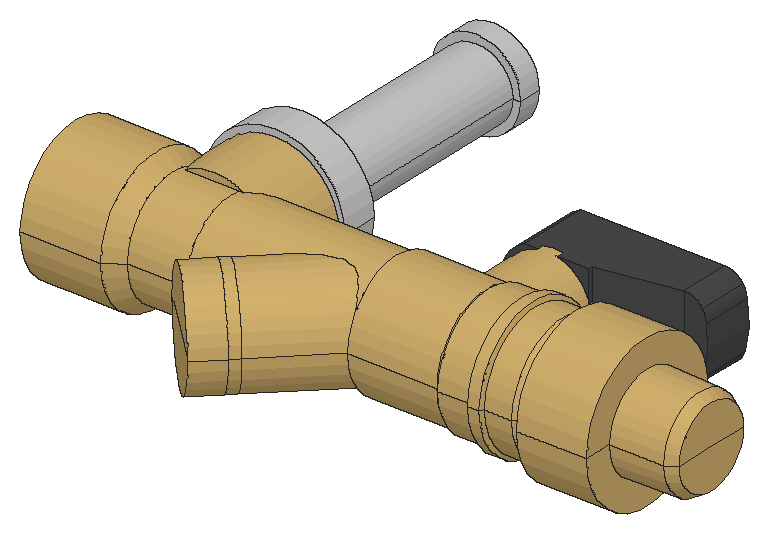
Revit family "Plumbing_Joints_Aignep_Condensed-Drain-Valve-90975", category Pipe Accessories, Revit 2018
Family settings
  Round Connector Dimension = Use Diameter
  Part Type = Valve - Breaks Into
  OmniClass Number = 23.27.43.00
  OmniClass Title = Pipe Fittings
  Work Plane-Based = No
  Always vertical = Yes
  Cut with Voids When Loaded = No
  Shared = No
Parameters (values of type "D 3/8"")
  Tick Size 02 = Nominal Diameter 02 * 0.8  # 10.160 mm
  QR code = "https://www.bimobject.com/aignep/product/condensed-drain-valve-90975"
  Product url = "https://www.aignep.com/eng/Pipe-fittings-INFINITY/Air-Pipeline-INFINITY-Series/CONDENSED-DRAIN-VALVE"
  Product name = "Condensed Drain Valve - 90975"
  Product group = "Valves"
  Product family = "INFINITY"
  Product certification = "https://www.aignep.com/eng/Certificazioni/FREE-OF-SILICON"
  Product SKU = "Condensed-Drain-Valve-90975"
  Product Material = AIGNEP - Brass - Yellow
  Product Guid = "824d2528-7a19-4f2a-95e2-81cd027d18bb"
  OmniClass Description = "Pipe Fittings"
  OmniClass Code = "23-27 43 00"
  OD = 17.000 mm
  Nominal Diameter 02 = 12.700 mm  # constant formula
  Nominal Diameter 01 = 9.525 mm
  Material main = "Brass"
  Manufacturer name = "Aignep Spa"
  Manufacturer country = "Italy"
  L = 113.500 mm
  IFC Classification = "Pipe Fitting"
  G = 26.500 mm
  ES2 = 23.000 mm
  ES1 = 22.000 mm
  E = 65.500 mm
  Design country = "Italy"
  Description = "Condensed drain valve\r\n"  # constant formula
  URL = "https://www.aignep.com/"
  Tick Size 01 = Nominal Diameter 01 * 0.8  # 7.620 mm
  Product data url = "https://www.bimobject.com/aignep/product/condensed-drain-valve-90975"
  Model = "90975"  # constant formula
  Manufacturer = "Aignep Spa"  # constant formula
  Keynote = "15410"
  Edition number = 1
  D = 13.000 mm
  CH3 = 16.000 mm
  CH2 = 25.000 mm
  CH1 = 27.000 mm
  C = 12.000 mm
  BIMobject category = "Valves"
  B = 11.500 mm
  Assembly Code = "D2040100"
  Article Code [instance] = "90975 00 004"
  A2 = 12.700 mm
  A1 = 9.525 mm
Types (2, lengths in mm): name | OD | Nominal Diameter 01 | L | Tick Size 01 | B | Article Code | A1
  D 3/8" | 17.000 | 9.525 | 113.500 | 7.620 | 11.500 | "90975 00 004" | 9.525
  D 1/2" | 21.500 | 12.700 | 117.500 | 10.160 | 16.000 | "90975 00 005" | 12.700
Reference planes
  plane 1 "Center (Front/Back)": y = 0
  plane 2: z = 0
  plane 3: x = 0
  plane 4: x = -17.65
  plane 5: x = 44.175
  plane 6: x = -69.325
  plane 7: y = 4.762
  plane 8: y = -4.763
  plane 9: y = 6.35
  plane 10: y = -6.35
  plane 11: x = -57.325
  plane 12: x = 32.675
  plane 13: y = 12.5
  plane 14: y = -12.5
  plane 15: y = 13.5
  plane 16: y = -13.5
  plane 17: y = 11.5
  plane 18: y = -11.5
  plane 19: y = -26.5
  plane 20: y = 65.5
  plane 21: x = -54
  plane 22: x = -38
  plane 23 "Center (Left/Right)": x = -46
  plane 24: x = -52.5
  plane 25: x = -39.5
  plane 26: y = 11
  plane 27: y = -11
  plane 28: y = 8.5
  plane 29: y = -8.5
  plane 30: through (-30.289, -15.297, 1200) normal (0.7071, -0.7071, 0)
Forms (mm)
  Revolve 1, solid, material "AIGNEP - Brass - Yellow" <- "Product Material", detail levels fine
    sketch origin (0, 0, 0) x (1, 0, 0) y (0, 1, 0)
      loop
        line (44.175, 0) -> (-69.325, 0) -> (-69.325, -12.5) -> (-54.989, -12.5) -> (-52.039, -10.32) -> (-41.545, -10.32) -> (-12.448, -10.32) -> (-11.972, -11) -> (3.827, -11) -> (4.541, -11.5) -> (10.205, -11.5) -> (10.481, -12.258) -> (12.496, -12.258) -> (12.772, -11.5) -> (17.772, -11.5) -> (18.499, -10.991) -> (19.717, -10.991) -> (20.175, -11.754) -> (20.175, -13.5) -> (32.675, -13.5) -> (32.675, -8.484) -> (42.269, -8.217) -> (44.175, -7.117) -> (44.175, 0)
      axis (44.175, 0) -> (-69.325, 0)
    angle from 0 to 360
  Revolve 2, solid, material "AIGNEP - Inox - Grey", detail levels fine
    sketch origin (0, 0, 0) x (1, 0, 0) y (0, 1, 0)
      loop
        line (-46, 15.146) -> (-46, 65.5) -> (-49.974, 65.5) -> (-49.974, 64.2) -> (-54, 64.2) -> (-54, 60.2) -> (-52.5, 60.2) -> (-52.5, 21.5) -> (-58.662, 21.5) -> (-58.662, 15.146) -> (-46, 15.146)
      axis (-46, 15.146) -> (-46, 65.5)
    angle from 0 to 360
  Revolve 3, solid, material "AIGNEP - Brass - Yellow" <- "Product Material", detail levels fine
    sketch origin (0, 0, 0) x (1, 0, 0) y (0, 1, 0)
      loop
        line (-34.885, -19.893) -> (-28.069, -26.71) -> (-24.003, -22.644) -> (-22.762, -21.403) -> (-8.623, -7.264) -> (-15.44, -0.447) -> (-34.885, -19.893)
      axis (-15.44, -0.447) -> (-34.885, -19.893)
    angle from 0 to 360
  Revolve 4, solid, material "AIGNEP - Brass - Yellow" <- "Product Material", detail levels fine
    sketch origin (0, 0, 0) x (1, 0, 0) y (0, 1, 0)
      loop
        line (0, 6.414) -> (0, 18.5) -> (0, 19.739) -> (-7.711, 19.739) -> (-7.711, 6.414) -> (0, 6.414)
      axis (0, 6.414) -> (0, 19.739)
    angle from 0 to 360
  Extrusion 5, solid, material "AIGNEP - Plastic - Black", detail levels fine
    sketch origin (0, 0, 0) x (1, 0, 0) y (0, 0, 1)
      loop
        line (21.72, 7.5) -> (-4, 7.5)
        arc (-4, 7.5) -> (-8.623, 0) -> (-4, -7.5) r 8.395
        line (-4, -7.5) -> (21.72, -7.5)
        arc (21.72, -7.5) -> (23.957, -6.812) -> (25.419, -4.985) r 3.978
        arc (25.419, -4.985) -> (25.992, -0.695) -> (25.697, 3.622) r 21.58
        arc (25.697, 3.622) -> (25.509, 4.733) -> (25.018, 5.746) r 3.978
        arc (25.018, 5.746) -> (23.587, 7.034) -> (21.72, 7.5) r 3.978
    from -31 to -18.5
  Extrusion 6, void
    sketch origin (0, 0, 0) x (1, 0, 0) y (0, 1, 0)
      loop
        line (7.518, 19.22) -> (7.518, 16.034) -> (30.521, 16.034) -> (30.521, 22) -> (21.604, 22) -> (7.518, 19.22)
    from -14.319 to 14.478
  Revolve 7, solid, material "AIGNEP - Brass - Yellow" <- "Product Material", detail levels fine
    sketch origin (0, 0, 0) x (1, 0, 0) y (0, 1, 0)
      loop
        line (-46, 1.73) -> (-46, 15.146) -> (-57.469, 15.146) -> (-57.469, 1.73) -> (-46, 1.73)
      axis (-46, 1.73) -> (-46, 15.146)
    angle from 0 to 360
  Sweep 8, solid, not visible, detail levels fine
    path origin (0, 0, 0) x (1, 0, 0) y (0, 1, 0)
      loop
        line (-57.325, 0) -> (-46, 0)
    profile origin (-51.663, 0, 0) x (0, 1, 0) y (0, 0, 1)
      loop
        circle (0, 0) r 4.007
  Sweep 9, solid, not visible, detail levels fine
    path origin (0, 0, 0) x (1, 0, 0) y (0, 1, 0)
      loop
        line (0, 0) -> (32.675, 0)
    profile origin (16.337, 0, 0) x (0, 1, 0) y (0, 0, 1)
      loop
        circle (0, 0) r 4.007
Cuts and joins
  Extrusion 6 cuts Revolve 4
  Extrusion 6 cuts Extrusion 5
Lines and regions (mm)
  model lines, detail levels coarse+medium
    curve 1: line (-57.325, 0, 0) -> (32.675, 0, 0)
    curve 2: line (-57.325, 5.08, 0) -> (-57.325, -5.08, 0)
    curve 3: line (32.675, 3.81, 0) -> (32.675, -3.81, 0)
    curve 4: line (0, 0, 0) -> (0, 21.738, 0)
    curve 5: line (0, 21.738, 0) -> (20.279, 21.738, 0)
    curve 6: line (-46, 0, 0) -> (-46, 65.5, 0)
Dimensions and locks
  plane 3 to plane 4 = 17.650 mm
  "L": plane 6 to plane 5
  equal spacing: plane 7, plane 1 "Center (Front/Back)", plane 8
  "A1": plane 7 to plane 8
  equal spacing: plane 10, plane 1 "Center (Front/Back)", plane 9
  "A2": plane 10 to plane 9
  "C": plane 6 to plane 11
  "B": plane 12 to plane 5
  equal spacing: plane 14, plane 1 "Center (Front/Back)", plane 13
  "CH2": plane 14 to plane 13
  equal spacing: plane 15, plane 1 "Center (Front/Back)", plane 16
  "CH1": plane 15 to plane 16
  equal spacing: plane 17, plane 1 "Center (Front/Back)", plane 18
  "ES2": plane 17 to plane 18
  "G": plane 19 to plane 1 "Center (Front/Back)"
  "E": plane 1 "Center (Front/Back)" to plane 20
  equal spacing: plane 21, plane 23 "Center (Left/Right)", plane 22
  "CH3": plane 21 to plane 22
  equal spacing: plane 24, plane 23 "Center (Left/Right)", plane 25
  "D": plane 24 to plane 25
  equal spacing: plane 27, plane 1 "Center (Front/Back)", plane 26
  "ES1": plane 27 to plane 26
  locked: Revolve 1 sketch curve to plane 5 at 1.906
  Revolve 1 sketch curve to Revolve 1 sketch curve to plane 23 "Center (Left/Right)" to Revolve 1 sketch curve to Revolve 1 sketch curve to Revolve 1 sketch curve to Revolve 1 sketch curve to Revolve 1 sketch curve to Revolve 1 sketch curve to Revolve 1 sketch curve to Revolve 1 sketch curve to Revolve 1 sketch curve to Revolve 1 sketch curve to Revolve 1 sketch curve to Revolve 1 sketch curve to Revolve 1 sketch curve to Revolve 1 sketch curve to Revolve 1 sketch curve = 2.950 mm locked, 6.039 mm locked, 33.552 mm locked, 0.476 mm locked, 15.800 mm locked, 0.714 mm locked, 5.664 mm locked, 0.276 mm locked, 2.015 mm locked, 0.276 mm locked, 5.000 mm locked, 0.727 mm locked, 1.218 mm locked, 0.457 mm locked, 0.000 mm locked, 12.500 mm locked, 0.000 mm locked
  Revolve 1 sketch curve to Revolve 1 sketch curve to Revolve 1 sketch curve to Revolve 1 sketch curve to Revolve 1 sketch curve to Revolve 1 sketch curve to plane 16 = 0.671 mm locked, 0.000 mm locked, 0.764 mm locked, 0.503 mm locked, 0.000 mm locked, 1.242 mm locked
  locked: plane 6 to plane 23 "Center (Left/Right)" at 23.325
  equal spacing: plane 28, plane 1 "Center (Front/Back)", plane 29
  "OD": plane 28 to plane 29
  plane 29 to Revolve 1 sketch curve to Revolve 1 sketch curve to Revolve 1 sketch curve = 0.016 mm locked, 0.267 mm locked, 1.100 mm locked
  Extrusion 5 sketch curve to Extrusion 5 sketch curve to Extrusion 5 sketch curve to plane 3 = 0.277 mm locked, 0.401 mm locked, 25.018 mm locked
  Revolve 3 sketch curve to Revolve 3 sketch curve to plane 30 = 0.000 mm locked, 9.640 mm locked
  locked: Revolve 2 sketch curve to plane 23 "Center (Left/Right)" at 12.662
  equal spacing: curve 2, plane 1 "Center (Front/Back)", curve 2
  "Tick Size 02": curve 2 to curve 2
  equal spacing: curve 3, plane 1 "Center (Front/Back)", curve 3
  "Tick Size 01": curve 3 to curve 3
  locked: plane 3 to curve 5 at 20.279
  aligned and locked: level to plane 2
  aligned and locked: plane 5 to Revolve 1 sketch curve
  aligned and locked: Revolve 1 sketch curve to plane 16
  aligned and locked: Revolve 1 sketch curve to plane 18
  aligned and locked: plane 18 to Revolve 1 sketch curve
  aligned and locked: Revolve 1 sketch curve to plane 14
  aligned and locked: Revolve 1 sketch curve to plane 6
  aligned and locked: plane 23 "Center (Left/Right)" to Revolve 2 sketch curve
  aligned and locked: Revolve 2 sketch curve to plane 20
  aligned and locked: plane 21 to Revolve 2 sketch curve
  aligned and locked: plane 24 to Revolve 2 sketch curve
  aligned and locked: Revolve 3 sketch curve to plane 30
  aligned and locked: plane 11 to Sweep 8 sketch curve
  aligned and locked: plane 23 "Center (Left/Right)" to Sweep 8 sketch curve
  aligned and locked: plane 1 "Center (Front/Back)" to Sweep 8 sketch curve
  aligned and locked: plane 12 to Sweep 9 sketch curve
  aligned and locked: plane 3 to Sweep 9 sketch curve
  aligned and locked: plane 1 "Center (Front/Back)" to Sweep 9 sketch curve
  aligned and locked: plane 11 to curve 1
  aligned and locked: plane 12 to curve 1
  aligned and locked: plane 1 "Center (Front/Back)" to curve 1
  aligned and locked: curve 2 to plane 11
  aligned and locked: curve 3 to plane 12
  aligned and locked: plane 3 to curve 4
  aligned and locked: plane 20 to curve 6
  aligned and locked: plane 23 "Center (Left/Right)" to curve 6
  aligned and locked: plane 1 "Center (Front/Back)" to curve 6
Automatic sketch dimensions
  plane 1 "Center (Front/Back)" to Revolve 1 sketch curve = 0.000 mm  (x2)
  Revolve 1 sketch curve to plane 6 = 0.000 mm
  Revolve 1 sketch curve to plane 27 = 0.000 mm
  Revolve 1 sketch curve to plane 25 = 2.045 mm
  Revolve 1 sketch curve to Revolve 1 sketch curve = 8.591 mm
  plane 30 to Revolve 3 sketch curve = 0.000 mm  (x2)
  plane 19 to Revolve 3 sketch curve = 0.210 mm
  Revolve 3 sketch curve to plane 19 = 3.856 mm
  Revolve 3 sketch curve to Revolve 3 sketch curve = 1.241 mm
  plane 1 "Center (Front/Back)" to Revolve 3 sketch curve = 0.447 mm
  Revolve 3 sketch curve to Revolve 3 sketch curve = 0.000 mm
  plane 22 to Revolve 3 sketch curve = 0.151 mm
  Revolve 4 sketch curve to plane 3 = 0.000 mm  (x2)
  Revolve 4 sketch curve to plane 3 = 7.711 mm
  plane 7 to Revolve 4 sketch curve = 1.651 mm
  plane 15 to Revolve 4 sketch curve = 5.000 mm
  Revolve 4 sketch curve to Revolve 4 sketch curve = 1.239 mm
  Revolve 4 sketch curve to Revolve 4 sketch curve = 2.261 mm
  Revolve 4 sketch curve to Revolve 4 sketch curve = 6.371 mm
  Extrusion 5 sketch curve to Extrusion 5 sketch curve = 0.000 mm  (x3)
  Extrusion 5 sketch curve to level = 0.000 mm  (x2)
  Extrusion 5 sketch curve to plane 3 = 0.228 mm
  Extrusion 5 sketch curve to level = 3.522 mm
  level to Extrusion 5 sketch curve = 3.522 mm
  Extrusion 5 sketch curve to Extrusion 5 sketch curve = 3.978 mm
  plane 3 to Extrusion 6 sketch curve = 7.518 mm
  Extrusion 6 sketch curve to plane 12 = 11.071 mm
  Extrusion 6 sketch curve to plane 12 = 2.154 mm
  plane 15 to Extrusion 6 sketch curve = 2.534 mm
  Extrusion 6 sketch curve to Extrusion 6 sketch curve = 3.186 mm
  plane 15 to Extrusion 6 sketch curve = 8.500 mm
  Extrusion 5 sketch curve to Extrusion 5 sketch curve = 3.298 mm
  Extrusion 5 sketch curve to plane 3 = 4.000 mm  (x2)
  plane 20 to Revolve 2 sketch curve = 0.000 mm
  Revolve 2 sketch curve to plane 23 "Center (Left/Right)" = 0.000 mm
  Revolve 2 sketch curve to plane 24 = 2.526 mm
  Revolve 2 sketch curve to Revolve 2 sketch curve = 1.300 mm
  Revolve 2 sketch curve to Revolve 2 sketch curve = 4.000 mm
  plane 15 to Revolve 2 sketch curve = 8.000 mm
  plane 15 to Revolve 2 sketch curve = 1.646 mm
  Revolve 2 sketch curve to plane 20 = 5.000 mm
  Revolve 7 sketch curve to plane 23 "Center (Left/Right)" = 0.000 mm  (x2)
  Revolve 7 sketch curve to plane 11 = 0.144 mm
  Revolve 7 sketch curve to plane 7 = 3.032 mm
  plane 15 to Revolve 7 sketch curve = 1.646 mm
  Revolve 7 sketch curve to Revolve 7 sketch curve = 0.000 mm
  Revolve 7 sketch curve to Revolve 7 sketch curve = 3.258 mm
  Sweep 8 sketch curve to level = 0.000 mm
  Sweep 8 sketch curve to profile plane = 0.000 mm
  Sweep 9 sketch curve to level = 0.000 mm
  Sweep 9 sketch curve to profile plane = 0.000 mm
  plane 15 to curve 5 = 8.238 mm
  radius of Sweep 8 sketch curve = 4.007 mm
  radius of Sweep 9 sketch curve = 4.007 mm
Connectors
  piping at (-57.325, 0, 0), diameter 12.7, driven by "Nominal Diameter 02"
    settings: on Sweep 8, index 1, connector inside diameter 609.600 mm, connector length 0.000 mm, flow factor 0, pipe flow 0.0 L/s, pressure drop 0.0 Pa, fitting loss kfactor 0, connector angle 0.00°, fixture units 0, engagement length 0.000 mm, angle of deflection 0.00°, flow configuration 0, flow direction 0, fitting loss method 0, system type 28, joint type 0, gender type 0, connector reference index 2, connector utility 0, adjustable connector no, is connector primary yes, connector description ""
  piping at (32.675, 0, 0), diameter 9.525, driven by "Nominal Diameter 01"
    settings: on Sweep 9, index 2, connector inside diameter 609.600 mm, connector length 0.000 mm, flow factor 0, pipe flow 0.0 L/s, pressure drop 0.0 Pa, fitting loss kfactor 0, connector angle 0.00°, fixture units 0, engagement length 0.000 mm, angle of deflection 0.00°, flow configuration 0, flow direction 0, fitting loss method 0, system type 28, joint type 0, gender type 0, connector reference index 1, connector utility 0, adjustable connector no, is connector primary no, connector description ""
